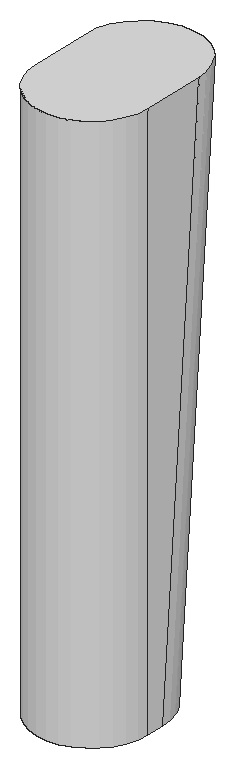
Revit family "Pilar_Con_Oval_Asim", category Structural Columns, Revit 2020
Family settings
  Display in Hidden Views = Edges Hidden by Other Members
  Section Shape = Not Defined
  Material for Model Behavior = Concrete
  Always export as geometry = No
  Beam cutback in plan = From geometry
  OmniClass Number = 23.25.30.11.14.11
  OmniClass Title = Columns
  Cut with Voids When Loaded = No
  Symbolic Representation = From Family
  Shared = No
  Show family pre-cut in plan views = Yes
Parameters (values of type "PIL_050_BLC_CON_OAS")
  b = 500 mm
  Structural Material [instance] = CT_Asfaltos
  Deslocamento_do_Eixo [instance] = 350 mm
Reference planes
  plane 1 "Center (Front/Back)": y = 0
  plane 2: z = 0
  plane 3 "Center (Left/Right)": x = 0
  plane 4: x = -250
  plane 5: x = 250
  plane 6: y = -350
Forms (mm)
  Blend 1, solid, material "CT_Asfaltos" <- "Structural Material"
    base sketch origin (0, 0, 0) x (1, 0, 0) y (0, 1, 0)
      loop
        line (-250, 41.51) -> (-250, -41.51)
        arc (-250, -41.51) -> (0, -291.51) -> (250, -41.51) r 250
        line (250, -41.51) -> (250, 41.51)
        arc (250, 41.51) -> (0, 291.51) -> (-250, 41.51) r 250
    top sketch origin (0, 0, 0) x (1, 0, 0) y (0, 1, 0)
      loop
        arc (250, 239.263) -> (0, 489.263) -> (-250, 239.263) r 250
        line (-250, 239.263) -> (-250, -41.51)
        arc (-250, -41.51) -> (0, -291.51) -> (250, -41.51) r 250
        line (250, -41.51) -> (250, 239.263)
    from 0 to 2500
Dimensions and locks
  equal spacing: plane 4, plane 3 "Center (Left/Right)", plane 5
  "b": plane 4 to plane 5
  "Deslocamento_do_Eixo": plane 6 to plane 1 "Center (Front/Back)"
  aligned and locked: level to plane 2
  aligned and locked: level to Blend 1
Automatic sketch dimensions
  Blend 1 sketch curve to plane 4 = 0 mm  (x2)
  Blend 1 sketch curve to plane 3 "Center (Left/Right)" = 0 mm  (x2)
  plane 1 "Center (Front/Back)" to Blend 1 sketch curve = 41.51 mm  (x2)
  Blend 1 sketch curve to plane 1 "Center (Front/Back)" = 41.51 mm
  Blend 1 sketch curve to plane 1 "Center (Front/Back)" = 239.263 mm
